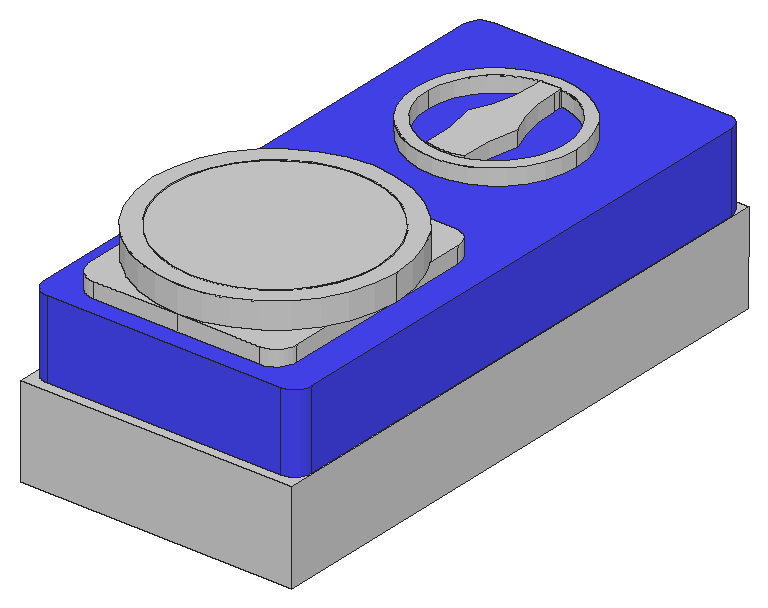
Revit family "Building-IEC309Connections-GEWISS-67IB-INTERLOCKED-SOCKET-OUTLETS_IP67_WITH_BOTTOM", category Apparecchi elettrici, host Superficie, Revit 2019
Family settings
  Host = Superficie
  Mantenere orientamento annotazione = Sì
  Quota connettore circolare = Usa diametro
  Tipo di parte = Normale
  Taglio con vuoti quando caricato = Sì
  Condiviso = Sì
  Punto di calcolo locali = Sì
Parameters (values of type "GW66257N - 32A 3P+E 380V V.INT.SOCK.O.W.B.3H SBF")
  presa = Giallo
  giallo = 0 mm
  dist_piano [instance] = 27 mm
  Working temperature = "-25 ÷ +40 °C"
  With back-mounting box = "Yes"
  Vista_2d_pianta [instance] = yes
  Version file RFA = "21.4"
  URL = "https://www.gewiss.com/ww/en"
  Typology = "Vertical"
  Thermo-pressure with ball = "125 °C (IB socket) - 80 °C (bottom)"
  Technical sheet = "https://www.gewiss.com/ww/en/search?q=GW66257N"
  Struttura = Grigio RAL - 7035
  Simbolo presa = PRESAINDSTAGNA : 3P
  Simbolo [instance] = yes
  Simb_circuito [instance] = not(Simbolo)  # no
  Shock resistance = "IK08"
  SEO = "Socket outlet"
  Reference h = "3"
  Realized by GEWISS S.p.A. = ""
  Rated voltage: = "380 - 440 V"
  Rated voltage = "380 - 440 V"
  Rated frequency (Hz) = "50/60 Hz"
  Rated current (In) = "32"
  Rated current (A) = "32"
  Protection = "NO (SBF)"
  Default Elevation = 1219.2 mm
  Produttore = "GEWISS S.p.A."
  Operating temperature: = "-25 +40 °C"
  Number of poles = "3P+E"
  No. of poles = "3P+E"
  Modello = "GW66257N"
  Immagine tipo = E.jpg
  IP degree = "IP67"
  IDT = "80fd8aa3-f4ad-4bf9-871a-178f60767a59"
  IDF = "c396004b-a83b-4ac0-a4fa-669de3df814d"
  Glow wire test: = "850 °C (IB socket) - 650 °C (bottom)"
  Glow Wire Test = "850 °C (IB socket) - 650 °C (bottom)"
  Frequency = "50/60 Hz"
  Electrocod = "2222"
  EAN code = "8011564741522"
  Distanza x [instance] = 0 mm
  Distanza orizzontale simbolo [instance] = 100 mm
  Distanza effettiva x [instance] = 1500 mm - Distanza x  # 1500 mm
  Descrizione = "32A 3P+E 380V V.INT.SOCK.O.W.B.3H SBF"
  Corpo presa = GEWISS -BLU
  Cornice simbolo [instance] = yes
  Colour: = "Red"
  Colour = "Red"
  Catalogue Range = "67 IB"
  Catalogue = "BUILDING"
  COBie.Tagnumber = ""
  COBie.CreatedOn = ""
  COBie.CreatebBy = ""
  COBie.ComponentRegisterItemID = ""
  COBie.Component.TagNumber = ""
  COBie.Component.Space = ""
  COBie.Component.SerialNumber = ""
  COBie.Component.InstallationDate = ""
  COBie.Component.Description = ""
  COBie.Component.BarCode = ""
Types (23, lengths in mm): name | Technical sheet | Reference h | Rated voltage: | Rated voltage | Rated current (In) | Rated current (A) | Number of poles | No. of poles | Modello | IDT | EAN code | Descrizione | Colour: | Colour
  GW66201N - 16A 2P+E 110V V.INT.SOCK.O.W.B.4H SBF | "https://www.gewiss.com/ww/en/search?q=GW66201N" | "4" | "100 - 130 V" | "100 - 130 V" | "16" | "16" | "2P+E" | "2P+E" | "GW66201N" | "cb72f7f9-7f0a-4201-b84c-91c5823f1453" | "8011564741140" | "16A 2P+E 110V V.INT.SOCK.O.W.B.4H SBF" | "Yellow" | "Yellow"
  GW66202N - 16A 3P+E 110V V.INT.SOCK.O.W.B.4H SBF | "https://www.gewiss.com/ww/en/search?q=GW66202N" | "4" | "100 - 130 V" | "100 - 130 V" | "16" | "16" | "3P+E" | "3P+E" | "GW66202N" | "0dcf502c-be8a-42b9-862e-1ccab0f64fc5" | "8011564741157" | "16A 3P+E 110V V.INT.SOCK.O.W.B.4H SBF" | "Yellow" | "Yellow"
  GW66203N - 16A 3P+N+E 110V V.INT.SOCK.O.W.B.4H SBF | "https://www.gewiss.com/ww/en/search?q=GW66203N" | "4" | "100 - 130 V" | "100 - 130 V" | "16" | "16" | "3P+N+E" | "3P+N+E" | "GW66203N" | "184d86d9-e7c0-408f-9c79-38152dc5fee9" | "8011564741164" | "16A 3P+N+E 110V V.INT.SOCK.O.W.B.4H SBF" | "Yellow" | "Yellow"
  GW66204N - 16A 2P+E 230V V.INT.SOCK.O.W.B.6H SBF | "https://www.gewiss.com/ww/en/search?q=GW66204N" | "6" | "200 - 250 V" | "200 - 250 V" | "16" | "16" | "2P+E" | "2P+E" | "GW66204N" | "2d209267-ed0d-4b69-82c9-7923641b8c07" | "8011564741171" | "16A 2P+E 230V V.INT.SOCK.O.W.B.6H SBF" | "Blue" | "Blue"
  GW66205N - 16A 3P+E 230V V.INT.SOCK.O.W.B.9H SBF | "https://www.gewiss.com/ww/en/search?q=GW66205N" | "9" | "200 - 250 V" | "200 - 250 V" | "16" | "16" | "3P+E" | "3P+E" | "GW66205N" | "94303877-47f4-4a12-aa2e-2e71f98f0ca8" | "8011564741188" | "16A 3P+E 230V V.INT.SOCK.O.W.B.9H SBF" | "Blue" | "Blue"
  GW66206N - 16A 3P+N+E 230V V.INT.SOCK.O.W.B.9H SBF | "https://www.gewiss.com/ww/en/search?q=GW66206N" | "9" | "200 - 250 V" | "200 - 250 V" | "16" | "16" | "3P+N+E" | "3P+N+E" | "GW66206N" | "59d94051-639b-4998-84aa-8bc0263cbf89" | "8011564741195" | "16A 3P+N+E 230V V.INT.SOCK.O.W.B.9H SBF" | "Blue" | "Blue"
  GW66207N - 16A 2P+E 400V V.INT.SOCK.O.W.B.9H SBF | "https://www.gewiss.com/ww/en/search?q=GW66207N" | "9" | "380 - 415 V" | "380 - 415 V" | "16" | "16" | "2P+E" | "2P+E" | "GW66207N" | "16237c7b-8100-457f-99f2-64cdd3f1f873" | "8011564741201" | "16A 2P+E 400V V.INT.SOCK.O.W.B.9H SBF" | "Red" | "Red"
  GW66208N - 16A 3P+E 400V V.INT.SOCK.O.W.B.6H SBF | "https://www.gewiss.com/ww/en/search?q=GW66208N" | "6" | "380 - 415 V" | "380 - 415 V" | "16" | "16" | "3P+E" | "3P+E" | "GW66208N" | "c2f29120-7b4f-480f-8c95-4800a6710925" | "8011564741218" | "16A 3P+E 400V V.INT.SOCK.O.W.B.6H SBF" | "Red" | "Red"
  GW66209N - 16A 3P+N+E 400V V.INT.SOCK.O.W.B.6H SBF | "https://www.gewiss.com/ww/en/search?q=GW66209N" | "6" | "380 - 415 V" | "380 - 415 V" | "16" | "16" | "3P+N+E" | "3P+N+E" | "GW66209N" | "5272793f-973f-4159-b80c-743e6c77a5fb" | "8011564742512" | "16A 3P+N+E 400V V.INT.SOCK.O.W.B.6H SBF" | "Red" | "Red"
  GW66210N - 16A 3P+E 500V V.INT.SOCK.O.W.B.7H SBF | "https://www.gewiss.com/ww/en/search?q=GW66210N" | "7" | "480 - 500 V" | "480 - 500 V" | "16" | "16" | "3P+E" | "3P+E" | "GW66210N" | "19fd7598-134e-4528-aa06-66329b52d1c4" | "8011564741225" | "16A 3P+E 500V V.INT.SOCK.O.W.B.7H SBF" | "Black" | "Black"
  GW66211N - 16A 3P+N+E 500V V.INT.SOCK.O.W.B.7H SBF | "https://www.gewiss.com/ww/en/search?q=GW66211N" | "7" | "480 - 500 V" | "480 - 500 V" | "16" | "16" | "3P+N+E" | "3P+N+E" | "GW66211N" | "1291eb7b-8ece-4366-82a7-713bd9d4c5bd" | "8011564741232" | "16A 3P+N+E 500V V.INT.SOCK.O.W.B.7H SBF" | "Black" | "Black"
  GW66212N - 32A 2P+E 110V V.INT.SOCK.O.W.B.4H SBF | "https://www.gewiss.com/ww/en/search?q=GW66212N" | "4" | "100 - 130 V" | "100 - 130 V" | "32" | "32" | "2P+E" | "2P+E" | "GW66212N" | "a7014485-88cd-4663-90c1-d45883ee1a3e" | "8011564741249" | "32A 2P+E 110V V.INT.SOCK.O.W.B.4H SBF" | "Yellow" | "Yellow"
  GW66213N - 32A 3P+E 110V V.INT.SOCK.O.W.B.4H SBF | "https://www.gewiss.com/ww/en/search?q=GW66213N" | "4" | "100 - 130 V" | "100 - 130 V" | "32" | "32" | "3P+E" | "3P+E" | "GW66213N" | "773868ec-4e90-4d60-993f-5d3613b83e74" | "8011564741256" | "32A 3P+E 110V V.INT.SOCK.O.W.B.4H SBF" | "Yellow" | "Yellow"
  GW66214N - 32A 3P+N+E 110V V.INT.SOCK.O.W.B.4H SBF | "https://www.gewiss.com/ww/en/search?q=GW66214N" | "4" | "100 - 130 V" | "100 - 130 V" | "32" | "32" | "3P+N+E" | "3P+N+E" | "GW66214N" | "73b4fe93-8f5d-489d-b8ff-9db2277967e4" | "8011564741263" | "32A 3P+N+E 110V V.INT.SOCK.O.W.B.4H SBF" | "Yellow" | "Yellow"
  GW66215N - 32A 2P+E 230V V.INT.SOCK.O.W.B.6H SBF | "https://www.gewiss.com/ww/en/search?q=GW66215N" | "6" | "200 - 250 V" | "200 - 250 V" | "32" | "32" | "2P+E" | "2P+E" | "GW66215N" | "7c5a2dbc-7661-409a-8cde-4fe3c43c9152" | "8011564742529" | "32A 2P+E 230V V.INT.SOCK.O.W.B.6H SBF" | "Blue" | "Blue"
  GW66216N - 32A 3P+E 230V V.INT.SOCK.O.W.B.9H SBF | "https://www.gewiss.com/ww/en/search?q=GW66216N" | "9" | "200 - 250 V" | "200 - 250 V" | "32" | "32" | "3P+E" | "3P+E" | "GW66216N" | "75a60151-02e0-469f-b5ab-243369899699" | "8011564741270" | "32A 3P+E 230V V.INT.SOCK.O.W.B.9H SBF" | "Blue" | "Blue"
  GW66217N - 32A 3P+N+E 230V V.INT.SOCK.O.W.B.9H SBF | "https://www.gewiss.com/ww/en/search?q=GW66217N" | "9" | "200 - 250 V" | "200 - 250 V" | "32" | "32" | "3P+N+E" | "3P+N+E" | "GW66217N" | "5c5219e3-570c-4b37-9c26-ccd0f91db2a3" | "8011564741287" | "32A 3P+N+E 230V V.INT.SOCK.O.W.B.9H SBF" | "Blue" | "Blue"
  GW66218N - 32A 2P+E 400V V.INT.SOCK.O.W.B.9H SBF | "https://www.gewiss.com/ww/en/search?q=GW66218N" | "9" | "380 - 415 V" | "380 - 415 V" | "32" | "32" | "2P+E" | "2P+E" | "GW66218N" | "a4f0a363-67a0-45a1-9c56-2c7c671ed975" | "8011564741294" | "32A 2P+E 400V V.INT.SOCK.O.W.B.9H SBF" | "Red" | "Red"
  GW66219N - 32A 3P+E 400V V.INT.SOCK.O.W.B.6H SBF | "https://www.gewiss.com/ww/en/search?q=GW66219N" | "6" | "380 - 415 V" | "380 - 415 V" | "32" | "32" | "3P+E" | "3P+E" | "GW66219N" | "1c875823-1061-4501-9153-9b2197ee7e05" | "8011564741300" | "32A 3P+E 400V V.INT.SOCK.O.W.B.6H SBF" | "Red" | "Red"
  GW66220N - 32A 3P+N+E 400V V.INT.SOCK.O.W.B.6H SBF | "https://www.gewiss.com/ww/en/search?q=GW66220N" | "6" | "380 - 415 V" | "380 - 415 V" | "32" | "32" | "3P+N+E" | "3P+N+E" | "GW66220N" | "c5cbd72d-c6c8-4fd0-95f8-4c2e169d80bd" | "8011564742536" | "32A 3P+N+E 400V V.INT.SOCK.O.W.B.6H SBF" | "Red" | "Red"
  GW66221N - 32A 3P+E 500V V.INT.SOCK.O.W.B.7H SBF | "https://www.gewiss.com/ww/en/search?q=GW66221N" | "7" | "480 - 500 V" | "480 - 500 V" | "32" | "32" | "3P+E" | "3P+E" | "GW66221N" | "7d925fd4-6606-4eae-84f8-1c0747b0b52f" | "8011564741317" | "32A 3P+E 500V V.INT.SOCK.O.W.B.7H SBF" | "Black" | "Black"
  GW66222N - 32A 3P+N+E 500V V.INT.SOCK.O.W.B.7H SBF | "https://www.gewiss.com/ww/en/search?q=GW66222N" | "7" | "480 - 500 V" | "480 - 500 V" | "32" | "32" | "3P+N+E" | "3P+N+E" | "GW66222N" | "18a484ed-e1bc-4810-9d09-e7b52835ea61" | "8011564741324" | "32A 3P+N+E 500V V.INT.SOCK.O.W.B.7H SBF" | "Black" | "Black"
  GW66257N - 32A 3P+E 380V V.INT.SOCK.O.W.B.3H SBF | "https://www.gewiss.com/ww/en/search?q=GW66257N" | "3" | "380 - 440 V" | "380 - 440 V" | "32" | "32" | "3P+E" | "3P+E" | "GW66257N" | "80fd8aa3-f4ad-4bf9-871a-178f60767a59" | "8011564741522" | "32A 3P+E 380V V.INT.SOCK.O.W.B.3H SBF" | "Red" | "Red"
Reference planes
  plane 1 "Centro (Fronte/Retro)": y = 0
  plane 2: z = 0
  plane 3 "Centro (Sinistra/Destra)": x = 0
  plane 4: z = -2
  plane 5: x = 0
  plane 6: x = -1500
  plane 7: x = 0
  plane 8: through (-170.762, -4572, -38.353) normal (-0.6157, 0, 0.788)
  plane 9: x = -51.152
  plane 10: x = 53.222
  plane 11: z = 60
  plane 12: y = -110
  plane 13: y = 110
  plane 14: z = 25
  plane 15: z = 107
Forms (mm)
  Extrusion 1, solid, detail levels coarse
    sketch origin (0, 0, 0) x (1, 0, 0) y (0, 0, 1)
      loop
        line (-51.152, 107) -> (-51.152, 25) -> (53.222, 25) -> (53.222, 107) -> (-51.152, 107)
    from -108.895 to 109.105
  Extrusion 2, solid, material "Grigio RAL - 7035" <- "Struttura"
    sketch origin (0, 0, 0) x (0, 1, 0) y (0, 0, 1)
      loop
        line (-110, 25) -> (110, 25) -> (110, 60) -> (-110, 60) -> (-110, 25)
    from -51.152 to 53.222
Lines and regions (mm)
  Masking region 1, visible <- "Vista_2d_pianta"
    outline origin (0, 0, 0) x (1, 0, 0) y (0, 0, 1)
      loop
        line (-50.384, 90) -> (-50.384, 60) -> (52.616, 60) -> (52.616, 90) -> (-50.384, 90)
  Masking region 2, visible <- "Vista_2d_pianta"
    outline origin (0, 0, 0) x (1, 0, 0) y (0, 0, 1)
      loop
        line (-40, 96) -> (-40, 90) -> (40, 90) -> (40, 96) -> (-40, 96)
  Masking region 3, visible <- "Vista_2d_pianta"
    outline origin (0, 0, 0) x (1, 0, 0) y (0, 0, 1)
      loop
        line (-46.899, 96) -> (46.899, 96) -> (46.899, 106) -> (-46.899, 106) -> (-46.899, 96)
  Masking region 4, visible <- "Vista_2d_pianta"
    outline origin (0, 0, 0) x (1, 0, 0) y (0, 0, 1)
      loop
        line (-51.152, 25) -> (53.222, 25) -> (53.222, 60) -> (-51.152, 60) -> (-51.152, 25)
Dimensions and locks
  locked: plane 2 to plane 4 at 2
  "Distanza effettiva x": plane 5 to plane 6
  plane 3 "Centro (Sinistra/Destra)" to plane 6 = 1500 mm
  plane 6 to plane 5 = 1500 mm
  "Distanza effettiva x": plane 6 to plane 7
  locked: plane 9 to Masking region 1 at 0.768
  locked: Masking region 1 to plane 10 at 0.606
  "dist_piano": plane 14 to plane 4
  equal spacing: plane 12, plane 1 "Centro (Fronte/Retro)", plane 13
  locked: plane 12 to plane 13 at 220
  locked: plane 11 to plane 14 at 35
  locked: plane 15 to plane 11 at 47
  angle plane 8 to plane 4 = 142.00°
  angle plane 7 to plane 8 = 128.00°
  aligned and locked: plane 2 to host face
  aligned and locked: level to host face
  aligned and locked: plane 3 "Centro (Sinistra/Destra)" to nested 1
  aligned and locked: Masking region 1 sketch curve to nested 1  (x4)
  aligned and locked: Masking region 2 sketch curve to nested 1  (x4)
  aligned and locked: Extrusion 1 sketch curve to plane 9
  aligned and locked: Extrusion 1 sketch curve to plane 10
  aligned and locked: nested 1 to plane 11
  aligned and locked: Masking region 3 sketch curve to nested 1  (x4)
  aligned and locked: Extrusion 2 sketch curve to plane 14
  aligned and locked: plane 12 to Extrusion 2 sketch curve
  aligned and locked: Extrusion 2 sketch curve to plane 11
  aligned and locked: plane 13 to Extrusion 2 sketch curve
  aligned and locked: plane 9 to Extrusion 2
  aligned and locked: Extrusion 2 to plane 10
  aligned and locked: Extrusion 1 to plane 14
  aligned and locked: Masking region 4 sketch curve to Extrusion 1
  aligned and locked: Extrusion 1 to Masking region 4 sketch curve
  aligned and locked: Masking region 4 sketch curve to Extrusion 2  (x2)
  aligned and locked: plane 15 to Extrusion 1
  aligned and locked: plane 7 to nested 2
  aligned and locked: plane 7 to nested 3
Automatic sketch dimensions
  host sketch curve to host sketch curve = 2438.4 mm  (x2)
  Extrusion 1 sketch curve to plane 11 = 35 mm
  plane 11 to Extrusion 1 sketch curve = 47 mm
Nested families
  nested 1: "IB PRESE INTERBLOC VERT_NO FONDO" at (0, 0, 60), type "IB PRESE INTERBLOC VERT_NO FONDO", detail levels medium+fine
  nested 2: "simbolo_circuitoGW66201N" at (0, 30.442, 0), Distanza dal muro <- "Distanza orizzontale simbolo", SIMBOLO ACCESO <- "Simb_circuito", type "3P"
    with SIMBOLO ACCESO no, Distanza dal muro 100 mm, BORDO ACCESO yes
  nested 3: "PRESAINDSTAGNA" at (0, 23.722, 0), Distanza dal muro <- "Distanza orizzontale simbolo", SIMBOLO ACCESO <- "Simbolo", type "3P"
    with SIMBOLO ACCESO yes, Distanza dal muro 100 mm, BORDO ACCESO yes
Definition of nested family "IB PRESE INTERBLOC VERT_NO FONDO"
  Parameters (values of type "IB PRESE INTERBLOC VERT_NO FONDO")
    corpo presa = none
    Struttura = none
    Spessore = 30 mm
    Raggio = 40 mm
    Default Elevation = 14 mm
    Presa = none
    Lunghezza = 103 mm
    IFC.TypeObject = ""
    IFC.ExportType = ""
    IFC.ExportAs = ""
    H_da terra = 586.883 mm
    COBie.CreatedOn = ""
    COBie.CreatebBy = ""
    COBie.ComponentRegisterItemID = ""
    COBie.Component.TagNumber = ""
    COBie.Component.Space = ""
    COBie.Component.SerialNumber = ""
    COBie.Component.InstallationDate = ""
    COBie.Component.Description = ""
    COBie.Component.BarCode = ""
    Altezza = 220 mm
  Reference planes
    plane 1 "Centro (Fronte/Retro)": y = 0
    plane 2: z = 0
    plane 3 "Centro (Sinistra/Destra)": x = 0
    plane 4: z = 6.883
    plane 5: z = 10.499
    plane 6 "presa": z = 46
    plane 7: z = 36
    plane 8: z = 30
    plane 9: x = -40
    plane 10: x = 40
    plane 11: y = -5.355
    plane 12: y = -98.612
    plane 13: y = -51.359
  Forms (mm)
    Extrusion 1, solid, material <- "Struttura"
      sketch origin (0, -697.104, -30) x (1, 0, 0) y (0, 1, 0)
        loop
          line (-0.408, 691.748) -> (-32.003, 691.748)
          spline (-32.003, 691.748) -> (-33.047, 691.681) -> (-34.073, 691.48) -> (-35.063, 691.148) -> (-36.002, 690.693) -> (-36.871, 690.12) -> (-37.658, 689.441) -> (-38.347, 688.666) -> (-38.929, 687.809) -> (-39.391, 686.885) -> (-39.728, 685.909) -> (-39.932, 684.898) -> (-40, 683.87)
          line (-40, 683.87) -> (-40, 606.37)
          spline (-40, 606.37) -> (-39.932, 605.341) -> (-39.728, 604.331) -> (-39.391, 603.355) -> (-38.929, 602.43) -> (-38.347, 601.574) -> (-37.658, 600.799) -> (-36.871, 600.119) -> (-36.002, 599.547) -> (-35.063, 599.091) -> (-34.073, 598.76) -> (-33.047, 598.559) -> (-32.003, 598.491)
          line (-32.003, 598.491) -> (0, 598.491) -> (32.003, 598.491)
          spline (32.003, 598.491) -> (33.047, 598.559) -> (34.073, 598.76) -> (35.063, 599.091) -> (36.002, 599.547) -> (36.871, 600.119) -> (37.658, 600.799) -> (38.347, 601.574) -> (38.929, 602.43) -> (39.391, 603.355) -> (39.728, 604.331) -> (39.932, 605.341) -> (40, 606.37)
          line (40, 606.37) -> (40, 683.87)
          spline (40, 683.87) -> (39.932, 684.898) -> (39.728, 685.909) -> (39.391, 686.885) -> (38.929, 687.809) -> (38.347, 688.666) -> (37.658, 689.441) -> (36.871, 690.12) -> (36.002, 690.693) -> (35.063, 691.148) -> (34.073, 691.48) -> (33.047, 691.681) -> (32.003, 691.748)
          line (32.003, 691.748) -> (-0.408, 691.748)
      from 60 to 66
    Extrusion 2, solid, material <- "Presa"
      sketch origin (0, -700.854, -30) x (1, 0, 0) y (0, 1, 0)
        loop
          circle (0, 649.495) r 46.899
        loop
          circle (0, 649.495) r 40
      from 66 to 76
    Extrusion 3, solid, material <- "Struttura"
      sketch origin (0, -697.104, -30) x (1, 0, 0) y (0, 1, 0)
        loop
          circle (0, 752.384) r 30.831
        loop
          circle (0, 752.384) r 26.483
      from 60 to 66
    Extrusion 4, solid, material <- "Struttura"
      sketch origin (0, -697.104, -30) x (1, 0, 0) y (0, 1, 0)
        loop
          arc (-9.552, 750.899) -> (-7.429, 739.645) -> (-7.314, 728.193) r 64.983
          arc (-7.314, 728.193) -> (-0.131, 727.067) -> (7.064, 728.115) r 24.316
          arc (7.064, 728.115) -> (7.302, 739.566) -> (9.547, 750.796) r 64.983
          arc (9.547, 750.796) -> (5.519, 762.425) -> (4.215, 774.661) r 54.251
          line (4.215, 774.661) -> (4.25, 777.658)
          arc (4.25, 777.658) -> (3.985, 778.329) -> (3.336, 778.647) r 1
          arc (3.336, 778.647) -> (0.147, 778.794) -> (-3.043, 778.682) r 39.364
          arc (-3.043, 778.682) -> (-3.695, 778.371) -> (-3.967, 777.702) r 1
          line (-3.967, 777.702) -> (-3.964, 774.706)
          arc (-3.964, 774.706) -> (-5.4, 762.483) -> (-9.552, 750.899) r 54.251
      from 60 to 66
    Extrusion 5, solid, material <- "corpo presa"
      sketch origin (-2.5, -699.604, -30) x (1, 0, 0) y (0, 1, 0)
        loop
          arc (55.116, 802.193) -> (53.269, 806.652) -> (48.81, 808.499) r 6.306
          line (48.81, 808.499) -> (-41.578, 808.499)
          arc (-41.578, 808.499) -> (-46.037, 806.652) -> (-47.884, 802.193) r 6.306
          line (-47.884, 802.193) -> (-47.884, 600.052)
          arc (-47.884, 600.052) -> (-45.976, 595.446) -> (-41.369, 593.537) r 6.515
          line (-41.369, 593.537) -> (48.601, 593.537)
          arc (48.601, 593.537) -> (53.208, 595.446) -> (55.116, 600.052) r 6.515
          line (55.116, 600.052) -> (55.116, 802.193)
      from 30 to 60
    Extrusion 6, solid, material <- "Struttura", not visible
      sketch origin (0, 47.014, -580) x (1, 0, 0) y (0, 0, 1)
        loop
          line (-0.408, 691.748) -> (-29.506, 691.748)
          spline (-29.506, 691.748) -> (-30.55, 691.681) -> (-31.576, 691.48) -> (-32.567, 691.148) -> (-33.505, 690.693) -> (-34.375, 690.12) -> (-35.161, 689.441) -> (-35.851, 688.666) -> (-36.432, 687.809) -> (-36.895, 686.885) -> (-37.231, 685.909) -> (-37.435, 684.898) -> (-37.503, 683.87)
          line (-37.503, 683.87) -> (-37.503, 615.12)
          spline (-37.503, 615.12) -> (-37.435, 614.091) -> (-37.231, 613.081) -> (-36.895, 612.105) -> (-36.432, 611.18) -> (-35.851, 610.324) -> (-35.161, 609.549) -> (-34.375, 608.869) -> (-33.505, 608.297) -> (-32.567, 607.841) -> (-31.576, 607.51) -> (-30.55, 607.309) -> (-29.506, 607.241)
          line (-29.506, 607.241) -> (0, 607.241) -> (29.506, 607.241)
          spline (29.506, 607.241) -> (30.55, 607.309) -> (31.576, 607.51) -> (32.567, 607.841) -> (33.505, 608.297) -> (34.375, 608.869) -> (35.161, 609.549) -> (35.851, 610.324) -> (36.432, 611.18) -> (36.895, 612.105) -> (37.231, 613.081) -> (37.435, 614.091) -> (37.503, 615.12)
          line (37.503, 615.12) -> (37.503, 683.87)
          spline (37.503, 683.87) -> (37.435, 684.898) -> (37.231, 685.909) -> (36.895, 686.885) -> (36.432, 687.809) -> (35.851, 688.666) -> (35.161, 689.441) -> (34.375, 690.12) -> (33.505, 690.693) -> (32.567, 691.148) -> (31.576, 691.48) -> (30.55, 691.681) -> (29.506, 691.748)
          line (29.506, 691.748) -> (-0.408, 691.748)
      from 51.991 to 55.821
    Extrusion 7, solid, material <- "Presa", not visible
      sketch origin (0, 47.014, -580) x (1, 0, 0) y (0, 0, 1)
        loop
          circle (0, 646.456) r 46.899
      from 55.821 to 62.709
    Extrusion 8, solid, material <- "Struttura", not visible
      sketch origin (0, 47.014, -580) x (1, 0, 0) y (0, 0, 1)
        loop
          circle (0, 752.384) r 30.831
        loop
          circle (0, 752.384) r 26.483
      from 51.991 to 62.709
    Extrusion 9, solid, material <- "Struttura", not visible
      sketch origin (0, 47.014, -580) x (1, 0, 0) y (0, 0, 1)
        loop
          arc (-9.552, 750.899) -> (-7.429, 739.645) -> (-7.314, 728.193) r 64.983
          arc (-7.314, 728.193) -> (-0.131, 727.067) -> (7.064, 728.115) r 24.316
          arc (7.064, 728.115) -> (7.302, 739.566) -> (9.547, 750.796) r 64.983
          arc (9.547, 750.796) -> (5.519, 762.425) -> (4.215, 774.661) r 54.251
          line (4.215, 774.661) -> (4.25, 777.658)
          arc (4.25, 777.658) -> (3.985, 778.329) -> (3.336, 778.647) r 1
          arc (3.336, 778.647) -> (0.147, 778.794) -> (-3.043, 778.682) r 39.364
          arc (-3.043, 778.682) -> (-3.695, 778.371) -> (-3.967, 777.702) r 1
          line (-3.967, 777.702) -> (-3.964, 774.706)
          arc (-3.964, 774.706) -> (-5.4, 762.483) -> (-9.552, 750.899) r 54.251
      from 51.991 to 62.709
    Extrusion 10, solid, material <- "corpo presa", not visible
      sketch origin (0, 47.014, -580) x (1, 0, 0) y (0, 0, 1)
        loop
          arc (47.884, 796.962) -> (46.037, 801.42) -> (41.578, 803.267) r 6.306
          line (41.578, 803.267) -> (-41.578, 803.267)
          arc (-41.578, 803.267) -> (-46.037, 801.42) -> (-47.884, 796.962) r 6.306
          line (-47.884, 796.962) -> (-47.884, 597.014)
          arc (-47.884, 597.014) -> (-45.976, 592.407) -> (-41.369, 590.499) r 6.515
          line (-41.369, 590.499) -> (41.369, 590.499)
          arc (41.369, 590.499) -> (45.976, 592.407) -> (47.884, 597.014) r 6.515
          line (47.884, 597.014) -> (47.884, 796.962)
      from 30 to 51.991
    Extrusion 11, solid, material <- "Struttura"
      sketch origin (1.116, -3.75, 0) x (1, 0, 0) y (0, 1, 0)
        loop
          circle (-1.116, -47.609) r 40
      from 36 to 46
  Lines and regions (mm)
    symbolic lines
      curve 1: line (0, 0, 46) -> (0, -106.066, 46)
      curve 2: line (-40, -51.359, 46) -> (40, -51.359, 46)
  Dimensions and locks
    locked: plane 5 to plane 4 at 3.616
    Extrusion 5 sketch curve to Extrusion 5 sketch curve = 103 mm
    plane 6 "presa" to plane 2 = 46 mm
    locked: plane 7 to plane 6 "presa" at 10
    plane 8 to plane 2 = 30 mm
    locked: plane 8 to plane 7 at 6
    equal spacing: plane 9, plane 3 "Centro (Sinistra/Destra)", plane 10
    locked: plane 9 to plane 10 at 80
    Extrusion 1 to Extrusion 1 = 93.257 mm
    "Raggio": radius of Extrusion 11 sketch curve
    "Raggio": radius of Extrusion 2 sketch curve
    aligned and locked: level to plane 2
    aligned and locked: Extrusion 3 to Extrusion 5
    aligned and locked: Extrusion 4 to Extrusion 3
    aligned and locked: Extrusion 3 to Extrusion 4
    aligned and locked: Extrusion 2 to Extrusion 1
    aligned and locked: Extrusion 5 to level
    aligned and locked: plane 6 "presa" to Extrusion 2
    aligned and locked: Extrusion 11 to Extrusion 1
    aligned and locked: plane 6 "presa" to Extrusion 11
    aligned and locked: Extrusion 1 to plane 7
    aligned and locked: Extrusion 5 to plane 8
    aligned and locked: plane 8 to Extrusion 1
    aligned and locked: Extrusion 3 to plane 7
    aligned and locked: curve 1 to plane 3 "Centro (Sinistra/Destra)"
    aligned and locked: Extrusion 1 sketch curve to plane 9
    aligned and locked: Extrusion 1 sketch curve to plane 10
    aligned and locked: plane 12 to Extrusion 1 sketch curve
    aligned and locked: curve 2 to plane 13
    aligned and locked: plane 3 "Centro (Sinistra/Destra)" to Extrusion 11 sketch curve
    aligned and locked: plane 13 to Extrusion 11 sketch curve
  Automatic sketch dimensions
    Extrusion 1 sketch curve to plane 3 "Centro (Sinistra/Destra)" = 0 mm
    Extrusion 1 sketch curve to plane 3 "Centro (Sinistra/Destra)" = 0.408 mm
    Extrusion 1 sketch curve to Extrusion 1 sketch curve = 32.003 mm
    plane 1 "Centro (Fronte/Retro)" to Extrusion 1 sketch curve = 5.355 mm
    Extrusion 1 sketch curve to Extrusion 1 sketch curve = 7.997 mm  (x2)
    plane 3 "Centro (Sinistra/Destra)" to Extrusion 1 sketch curve = 32.003 mm
    Extrusion 1 sketch curve to Extrusion 1 sketch curve = 7.878 mm  (x3)
    Extrusion 3 sketch curve to Extrusion 3 sketch curve = 0 mm  (x2)
    Extrusion 3 sketch curve to plane 3 "Centro (Sinistra/Destra)" = 0 mm
    Extrusion 3 sketch curve to plane 1 "Centro (Fronte/Retro)" = 55.28 mm
    Extrusion 4 sketch curve to plane 3 "Centro (Sinistra/Destra)" = 0 mm
    Extrusion 4 sketch curve to plane 3 "Centro (Sinistra/Destra)" = 0.064 mm
    Extrusion 4 sketch curve to plane 3 "Centro (Sinistra/Destra)" = 2.967 mm
    Extrusion 4 sketch curve to Extrusion 4 sketch curve = 0.997 mm
    Extrusion 4 sketch curve to Extrusion 4 sketch curve = 1 mm  (x2)
    Extrusion 4 sketch curve to Extrusion 4 sketch curve = 54.251 mm
    Extrusion 4 sketch curve to Extrusion 4 sketch curve = 13.883 mm
    plane 3 "Centro (Sinistra/Destra)" to Extrusion 4 sketch curve = 3.25 mm
    Extrusion 4 sketch curve to Extrusion 4 sketch curve = 0.965 mm
    Extrusion 4 sketch curve to Extrusion 4 sketch curve = 54.25 mm
    Extrusion 4 sketch curve to Extrusion 4 sketch curve = 13.435 mm
    Extrusion 4 sketch curve to plane 1 "Centro (Fronte/Retro)" = 35.393 mm
    Extrusion 4 sketch curve to plane 1 "Centro (Fronte/Retro)" = 36.167 mm
    Extrusion 4 sketch curve to plane 1 "Centro (Fronte/Retro)" = 42.327 mm
    Extrusion 4 sketch curve to Extrusion 4 sketch curve = 11.953 mm
    Extrusion 4 sketch curve to Extrusion 4 sketch curve = 41.757 mm
    Extrusion 4 sketch curve to Extrusion 4 sketch curve = 23.278 mm
    Extrusion 4 sketch curve to Extrusion 4 sketch curve = 0.044 mm
    Extrusion 4 sketch curve to Extrusion 4 sketch curve = 41.61 mm
    Extrusion 4 sketch curve to Extrusion 4 sketch curve = 2.99 mm
    Extrusion 4 sketch curve to Extrusion 4 sketch curve = 0.007 mm
    Extrusion 4 sketch curve to Extrusion 4 sketch curve = 2.979 mm
    Extrusion 4 sketch curve to Extrusion 4 sketch curve = 0.018 mm
    Extrusion 4 sketch curve to Extrusion 4 sketch curve = 0 mm
    Extrusion 4 sketch curve to plane 3 "Centro (Sinistra/Destra)" = 7.314 mm
    Extrusion 4 sketch curve to Extrusion 4 sketch curve = 9.552 mm
    plane 3 "Centro (Sinistra/Destra)" to Extrusion 4 sketch curve = 7.064 mm
    Extrusion 5 sketch curve to plane 3 "Centro (Sinistra/Destra)" = 50.384 mm
    Extrusion 5 sketch curve to Extrusion 5 sketch curve = 6.306 mm  (x2)
    Extrusion 5 sketch curve to Extrusion 5 sketch curve = 6.515 mm  (x2)
    Extrusion 5 sketch curve to plane 1 "Centro (Fronte/Retro)" = 102.59 mm
    Extrusion 1 sketch curve to plane 12 = 7.878 mm
    plane 12 to Extrusion 5 sketch curve = 0.939 mm
    plane 1 "Centro (Fronte/Retro)" to curve 1 = 0 mm
    curve 2 to plane 9 = 0 mm
    curve 2 to plane 10 = 0 mm
    plane 12 to curve 1 = 7.454 mm
    Extrusion 2 sketch curve to Extrusion 2 sketch curve = 0 mm  (x2)
    Extrusion 2 sketch curve to plane 3 "Centro (Sinistra/Destra)" = 0 mm
    Extrusion 2 sketch curve to plane 13 = 0 mm
    radius of Extrusion 3 sketch curve = 30.831 mm
    radius of Extrusion 3 sketch curve = 26.483 mm
    radius of Extrusion 2 sketch curve = 46.899 mm
Definition of nested family "simbolo_circuitoGW66201N"
  Parameters (values of type "3P")
    SIMBOLO ACCESO [instance] = yes
    SIMBOLO = PRESAINDSTAGNA_BASE : 3P
    Distanza dal muro [instance] = 0 mm
    BORDO ACCESO [instance] = yes
  Reference planes
    plane 1: y = 0
    plane 2: x = 0
  Dimensions and locks
    "Distanza dal muro": plane 1 to nested 1
    aligned and locked: plane 2 to nested 1
  Nested families
    nested 1: "GW66201N-simb_base_di circuito" at (0, 0, 0), visible <- "SIMBOLO ACCESO", type "3P"
      with CORNICE SIMBOLO yes
  Definition of nested family "GW66201N-simb_base_di circuito"
    Parameters (values of type "3P")
      CORNICE SIMBOLO [instance] = yes
      3P = yes
    Types (2, lengths in mm): name | 3P
      3P | yes
      2P | no
    Reference planes
      plane 1: y = 0
      plane 2: x = 0
    Lines and regions (mm)
      detail lines, not visible
        curve 1: line (-2.443, 10.208, 0) -> (2.057, 10.208, 0)
        curve 2: line (2.057, 10.208, 0) -> (2.057, 4.208, 0)
        curve 3: line (2.057, 4.208, 0) -> (-2.443, 4.208, 0)
        curve 4: line (-2.443, 4.208, 0) -> (-2.443, 10.208, 0)
        curve 5: line (-2.043, 9.808, 0) -> (1.657, 9.808, 0)
        curve 6: line (1.657, 9.808, 0) -> (1.657, 4.608, 0)
        curve 7: line (1.657, 4.608, 0) -> (-2.043, 4.608, 0)
        curve 8: line (-2.043, 4.608, 0) -> (-2.043, 9.808, 0)
    Dimensions and locks
      aligned and locked: import instance to plane 2
      aligned and locked: plane 1 to import instance
Definition of nested family "PRESAINDSTAGNA"
  Parameters (values of type "3P")
    SIMBOLO ACCESO [instance] = yes
    SIMBOLO = PRESAINDSTAGNA_BASE : 3P
    Distanza dal muro [instance] = 0 mm
    BORDO ACCESO [instance] = yes
  Types (2): name
    2P
    3P
  Reference planes
    plane 1: y = 0
    plane 2: x = 0
  Dimensions and locks
    "Distanza dal muro": plane 1 to nested 1
    aligned and locked: plane 2 to nested 1
  Nested families
    nested 1: "PRESAINDSTAGNA_BASE" at (0, 0, 0), type <- "SIMBOLO", CORNICE SIMBOLO <- "BORDO ACCESO", visible <- "SIMBOLO ACCESO", type "3P"
  Definition of nested family "PRESAINDSTAGNA_BASE"
    Parameters (values of type "3P")
      CORNICE SIMBOLO [instance] = yes
      3P = yes
    Types (2, lengths in mm): name | 3P
      3P | yes
      2P | no
    Reference planes
      plane 1: y = 0
      plane 2: x = 0
    Lines and regions (mm)
      detail lines, not visible
        curve 1: line (-2.443, 10.208, 0) -> (2.057, 10.208, 0)
        curve 2: line (2.057, 10.208, 0) -> (2.057, 4.208, 0)
        curve 3: line (2.057, 4.208, 0) -> (-2.443, 4.208, 0)
        curve 4: line (-2.443, 4.208, 0) -> (-2.443, 10.208, 0)
        curve 5: line (-2.043, 9.808, 0) -> (1.657, 9.808, 0)
        curve 6: line (1.657, 9.808, 0) -> (1.657, 4.608, 0)
        curve 7: line (1.657, 4.608, 0) -> (-2.043, 4.608, 0)
        curve 8: line (-2.043, 4.608, 0) -> (-2.043, 9.808, 0)
      detail lines
        curve 9: line (-0.333, 0.928, 0) -> (-0.05, 0.928, 0)
        curve 10: line (-0.05, 0.928, 0) -> (0.417, 1.737, 0)
        curve 11: line (0.417, 1.737, 0) -> (0.764, 1.537, 0)
        curve 12: line (-0.05, 0.928, 0) -> (-0.333, 0.437, 0)
        curve 13: line (-0.333, 0.437, 0) -> (-0.333, 2.059, 0)
        curve 14: line (0.222, 1.399, 0) -> (0.569, 1.199, 0)
        curve 15: line (-0.723, 0.437, 0) -> (0.057, 0.437, 0)
        curve 16: line (-0.333, 0.81, 0) -> (-0.216, 0.928, 0)
        curve 17: line (-0.333, 0.741, 0) -> (-0.147, 0.928, 0)
        curve 18: line (-0.333, 0.672, 0) -> (-0.078, 0.928, 0)
        curve 19: line (-0.333, 0.603, 0) -> (-0.106, 0.831, 0)
        curve 20: line (-0.333, 0.534, 0) -> (-0.2, 0.668, 0)
        curve 22: arc (-0.723, 0.047, 0) -> (-0.333, 0.437, 0) -> (0.057, 0.047, 0) r 0.39
        curve 23: line (-0.8, 2.1, 0) -> (0.8, 2.1, 0)
        curve 24: line (-0.8, 0, 0) -> (-0.8, 2.1, 0)
        curve 25: line (0.8, 0, 0) -> (-0.8, 0, 0)
        curve 26: line (0.8, 2.1, 0) -> (0.8, 0, 0)
      detail lines, visible <- "3P"
        curve 21: line (0.028, 1.061, 0) -> (0.374, 0.861, 0)
